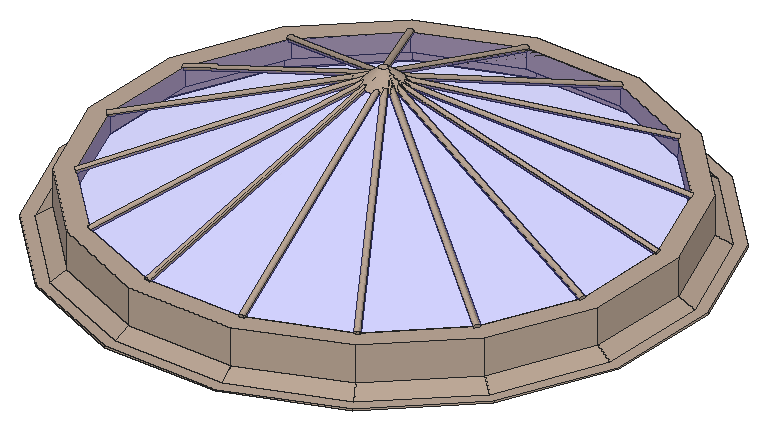
Revit family "WSL_A3-Skylight-Polygon-SMARTBIM", category Windows, host Roof, Revit 2016
Family settings
  Host = Roof
  Always vertical = No
  Cut with Voids When Loaded = No
  Shared = No
  Room Calculation Point = No
Parameters (values of type "Skylight")
  Subcategory = "Skylight\r\n"
  SmartBIM Object Version = 3  # constant formula
  SmartBIM Object Created By = "SMARTBIM, LLC"  # constant formula
  Manufacturer = "SMARTBIM"
  Frame Height = 0' - 3 1/2"
  Curb Depth = 0' - 3 1/2"
  Cap Height = 0' - 2 1/2"
  Side [instance] = 1' - 6"
  Mullion Radius = 0' - 0 1/2"
  Glass = Glass
  Frame/Mullion = Frame
  Cap Diameter-Upper = 0' - 0 3/4"
  Assembly Code = "B3020110"
  Apex [instance] = 2' - 0"
  Cap Diameter-Lower = 0' - 4"
  95 CSI = "08600"
  04 CSI = "08 60 00"
Reference planes (in)
  plane 1 "Center (Front/Back)": y = 0
  plane 2 "Roof": z = 144
  plane 3 "Center (Left/Right)": x = 0
  plane 4: z = 150
  plane 5: z = 153
  plane 6: z = 177
  plane 7: z = 178.25
  plane 8: z = 175.75
  plane 9: x = -45.24606
Forms (in)
  Sweep 1, solid, material "Frame" <- "Frame/Mullion"
    path origin (60, -180, 150) x (0, -1, 0) y (1, 0, 0)
      loop
        line (-171, -105.24606) -> (-154.37017, -98.35775) -> (-141.64225, -85.62983) -> (-134.75394, -69) -> (-134.75394, -51) -> (-141.64225, -34.37017) -> (-154.37017, -21.64225) -> (-171, -14.75394) -> (-189, -14.75394) -> (-205.62983, -21.64225) -> (-218.35775, -34.37017) -> (-225.24606, -51) -> (-225.24606, -69) -> (-218.35775, -85.62983) -> (-205.62983, -98.35775) -> (-189, -105.24606) -> (-171, -105.24606)
    profile origin (-45.24606, 0, 150) x (-1, 0, 0) y (0, 0, 1)
      loop
        line (0, 8.46875) -> (0, 4.96875) -> (3.25, 4.96875) -> (3.25, 1.83362) -> (6.05044, 0) -> (8.28125, 0) -> (8.28125, 0.25) -> (6.125, 0.25) -> (3.5, 1.96875) -> (3.5, 8.46875) -> (0, 8.46875)
  Blend 2, solid, material "Glass" <- "Glass"
    base sketch origin (-73.31542, -180, 153) x (-1, 0, 0) y (0, -1, 0)
      loop
        line (-28.06936, -189) -> (-28.06936, -171) -> (-34.95766, -154.37017) -> (-47.68559, -141.64225) -> (-64.31542, -134.75394) -> (-82.31542, -134.75394) -> (-98.94525, -141.64225) -> (-111.67317, -154.37017) -> (-118.56147, -171) -> (-118.56147, -189) -> (-111.67317, -205.62983) -> (-98.94525, -218.35775) -> (-82.31542, -225.24606) -> (-64.31542, -225.24606) -> (-47.68559, -218.35775) -> (-34.95766, -205.62983) -> (-28.06936, -189)
    top sketch origin (-73.31542, -180, 153) x (-1, 0, 0) y (0, -1, 0)
      loop
        circle (-73.31542, -180) r 0.5
    from 5.46875 to 24 <- "Apex"
  Sweep 3, solid, material "Frame" <- "Frame/Mullion"
    path in 3D
      loop
        line (-0.5, 0, 177) -> (-45.24606, -9, 158.46875)
    profile origin (-22.87303, -4.5, 167.73438) x (0.223863, -0.97222, -0.068371) y (-0.353245, -0.146319, 0.924018)
      loop
        circle (0.22683, 0.17852) r 0.5
  Sweep 4, solid, material "Frame" <- "Frame/Mullion"
    path in 3D
      loop
        line (-38.35775, -25.62983, 158.46875) -> (-0.5, 0, 177)
    profile origin (-19.42888, -12.81492, 167.73438) x (-0.535041, 0.841817, -0.07124) y (-0.353245, -0.146319, 0.924018)
      loop
        circle (0, 0) r 0.5
  Sweep 5, solid, material "Frame" <- "Frame/Mullion"
    path in 3D
      loop
        line (-25.62983, -38.35775, 158.46875) -> (-0.5, 0, 177)
    profile origin (-13.06492, -19.17888, 167.73438) x (-0.817955, 0.570739, -0.072159) y (-0.269805, -0.269805, 0.924344)
      loop
        circle (0, 0) r 0.5
  Sweep 6, solid, material "Frame" <- "Frame/Mullion"
    path in 3D
      loop
        line (-9, -45.24606, 158.46875) -> (-0.5, 0, 177)
    profile origin (-4.75, -22.62303, 167.73438) x (-0.97441, 0.212758, -0.072525) y (-0.145568, -0.351431, 0.924828)
      loop
        circle (0, 0) r 0.5
  Sweep 7, solid, material "Frame" <- "Frame/Mullion"
    path in 3D
      loop
        line (-45.24606, 9, 158.46875) -> (-0.5, 0, 177)
    profile origin (-22.87303, 4.5, 167.73438) x (0.223863, 0.97222, -0.068371) y (-0.353245, 0.146319, 0.924018)
      loop
        circle (0, 0) r 0.5
  Sweep 8, solid, material "Frame" <- "Frame/Mullion"
    path in 3D
      loop
        line (-38.35775, 25.62983, 158.46875) -> (-0.5, 0, 177)
    profile origin (-19.42888, 12.81492, 167.73438) x (0.581599, 0.810722, -0.066878) y (-0.269805, 0.269805, 0.924344)
      loop
        circle (0, 0) r 0.5
  Sweep 9, solid, material "Frame" <- "Frame/Mullion"
    path in 3D
      loop
        line (-25.62983, 38.35775, 158.46875) -> (-0.5, 0, 177)
    profile origin (-13.06492, 19.17888, 167.73438) x (0.848914, 0.524436, -0.065665) y (-0.145568, 0.351431, 0.924828)
      loop
        circle (0, 0) r 0.5
  Sweep 10, solid, material "Frame" <- "Frame/Mullion"
    path in 3D
      loop
        line (-9, 45.24606, 158.46875) -> (-0.5, 0, 177)
    profile origin (-4.75, 22.62303, 167.73438) x (0.97441, 0.212758, 0.072525) y (-0.145568, 0.351431, 0.924828)
      loop
        circle (0, 0) r 0.5
  Sweep 11, solid, material "Frame" <- "Frame/Mullion"
    path in 3D
      loop
        line (9, 45.24606, 158.46875) -> (0.5, 0, 177)
    profile origin (4.75, 22.62303, 167.73438) x (0.97441, -0.212758, -0.072525) y (0.145568, 0.351431, 0.924828)
      loop
        circle (0, 0) r 0.5
  Sweep 12, solid, material "Frame" <- "Frame/Mullion"
    path in 3D
      loop
        line (9, -45.24606, 158.46875) -> (0.5, 0, 177)
    profile origin (4.75, -22.62303, 167.73438) x (-0.97441, -0.212758, 0.072525) y (0.145568, -0.351431, 0.924828)
      loop
        circle (0, 0) r 0.5
  Sweep 13, solid, material "Frame" <- "Frame/Mullion"
    path in 3D
      loop
        line (25.62983, -38.35775, 158.46875) -> (0.5, 0, 177)
    profile origin (13.06492, -19.17888, 167.73438) x (-0.848914, -0.524436, -0.065665) y (0.145568, -0.351431, 0.924828)
      loop
        circle (0, 0) r 0.5
  Sweep 14, solid, material "Frame" <- "Frame/Mullion"
    path in 3D
      loop
        line (38.35775, -25.62983, 158.46875) -> (0.5, 0, 177)
    profile origin (19.42888, -12.81492, 167.73438) x (-0.581599, -0.810722, -0.066878) y (0.269805, -0.269805, 0.924344)
      loop
        circle (0, 0) r 0.5
  Sweep 15, solid, material "Frame" <- "Frame/Mullion"
    path in 3D
      loop
        line (45.24606, -9, 158.46875) -> (0.5, 0, 177)
    profile origin (22.87303, -4.5, 167.73438) x (-0.223863, -0.97222, -0.068371) y (0.353245, -0.146319, 0.924018)
      loop
        circle (0, 0) r 0.5
  Sweep 16, solid, material "Frame" <- "Frame/Mullion"
    path in 3D
      loop
        line (45.24606, 9, 158.46875) -> (0.5, 0, 177)
    profile origin (22.87303, 4.5, 167.73438) x (0.168798, -0.983168, -0.069907) y (0.382628, 0, 0.923903)
      loop
        circle (0, 0) r 0.5
  Sweep 17, solid, material "Frame" <- "Frame/Mullion"
    path in 3D
      loop
        line (38.35775, 25.62983, 158.46875) -> (0.5, 0, 177)
    profile origin (19.42888, 12.81492, 167.73438) x (0.535041, -0.841817, -0.07124) y (0.353245, 0.146319, 0.924018)
      loop
        circle (0, 0) r 0.5
  Sweep 18, solid, material "Frame" <- "Frame/Mullion"
    path in 3D
      loop
        line (25.62983, 38.35775, 158.46875) -> (0.5, 0, 177)
    profile origin (13.06492, 19.17888, 167.73438) x (0.817955, -0.570739, -0.072159) y (0.269805, 0.269805, 0.924344)
      loop
        circle (0, 0) r 0.5
  Blend 19, solid, material "Frame" <- "Frame/Mullion"
    base sketch origin (-73.31542, -180, 177) x (-1, 0, 0) y (0, -1, 0)
      loop
        circle (-73.31542, -180) r 4
    top sketch origin (-73.31542, -180, 177) x (-1, 0, 0) y (0, -1, 0)
      loop
        circle (-73.31542, -180) r 0.75
    from -1.25 to 1.25
Lines and regions (in)
  Opening 1
    outline origin (0, 0, 150) x (0, 1, 0) y (-1, 0, 0)
      loop
        line (45.24606, 9) -> (38.35775, 25.62983) -> (25.62983, 38.35775) -> (9, 45.24606) -> (-9, 45.24606) -> (-25.62983, 38.35775) -> (-38.35775, 25.62983) -> (-45.24606, 9) -> (-45.24606, -9) -> (-38.35775, -25.62983) -> (-25.62983, -38.35775) -> (-9, -45.24606) -> (9, -45.24606) -> (25.62983, -38.35775) -> (38.35775, -25.62983) -> (45.24606, -9) -> (45.24606, 9)
  sketch lines
    curve 1: line (-0.5, 0, 177) -> (-45.24606, -9, 158.46875)
    curve 2: line (-38.35775, -25.62983, 158.46875) -> (-0.5, 0, 177)
    curve 3: line (-25.62983, -38.35775, 158.46875) -> (-0.5, 0, 177)
    curve 4: line (-9, -45.24606, 158.46875) -> (-0.5, 0, 177)
    curve 5: line (-45.24606, 9, 158.46875) -> (-0.5, 0, 177)
    curve 6: line (-38.35775, 25.62983, 158.46875) -> (-0.5, 0, 177)
    curve 7: line (-25.62983, 38.35775, 158.46875) -> (-0.5, 0, 177)
    curve 8: line (-9, 45.24606, 158.46875) -> (-0.5, 0, 177)
    curve 9: line (9, 45.24606, 158.46875) -> (0.5, 0, 177)
    curve 10: line (9, -45.24606, 158.46875) -> (0.5, 0, 177)
    curve 11: line (25.62983, -38.35775, 158.46875) -> (0.5, 0, 177)
    curve 12: line (38.35775, -25.62983, 158.46875) -> (0.5, 0, 177)
    curve 13: line (45.24606, -9, 158.46875) -> (0.5, 0, 177)
    curve 14: line (45.24606, 9, 158.46875) -> (0.5, 0, 177)
    curve 15: line (38.35775, 25.62983, 158.46875) -> (0.5, 0, 177)
    curve 16: line (25.62983, 38.35775, 158.46875) -> (0.5, 0, 177)
Dimensions and locks (in)
  equal spacing: host sketch curve, plane 3 "Center (Left/Right)", host sketch curve
  equal spacing: host sketch curve, plane 1 "Center (Front/Back)", host sketch curve
  equal spacing: Opening 1 sketch curve, plane 3 "Center (Left/Right)", Opening 1 sketch curve  (x2)
  equal spacing: Opening 1 sketch curve, plane 1 "Center (Front/Back)", Opening 1 sketch curve  (x2)
  "Side": Opening 1 sketch curve to Opening 1 sketch curve  (x12)
  locked: plane 5 to plane 4 at 3
  "Apex": plane 6 to plane 5
  equal spacing: plane 7, plane 6, plane 8
  "Cap Height": plane 7 to plane 8
  "Curb Depth": Sweep 1 sketch curve to plane 9
  "Frame Height": Sweep 1 sketch curve to Sweep 1 sketch curve
  "Mullion Radius": radius of Sweep 3 sketch curve
  "Mullion Radius": radius of Sweep 4 sketch curve
  "Mullion Radius": radius of Sweep 5 sketch curve
  "Mullion Radius": radius of Sweep 6 sketch curve
  "Mullion Radius": radius of Sweep 7 sketch curve
  "Mullion Radius": radius of Sweep 8 sketch curve
  "Mullion Radius": radius of Sweep 9 sketch curve
  "Mullion Radius": radius of Sweep 10 sketch curve
  "Mullion Radius": radius of Sweep 11 sketch curve
  "Mullion Radius": radius of Sweep 12 sketch curve
  "Mullion Radius": radius of Sweep 13 sketch curve
  "Mullion Radius": radius of Sweep 14 sketch curve
  "Mullion Radius": radius of Sweep 15 sketch curve
  "Mullion Radius": radius of Sweep 16 sketch curve
  "Mullion Radius": radius of Sweep 17 sketch curve
  "Mullion Radius": radius of Sweep 18 sketch curve
  "Cap Diameter-Lower": radius of Blend 19 sketch curve
  "Cap Diameter-Upper": radius of Blend 19 sketch curve
  locked: Opening 1 sketch curve to Opening 1 sketch curve (angle 157.50°)  (x15)
  angle Opening 1 sketch curve to Opening 1 sketch curve = 157.50°
  aligned and locked: plane 2 "Roof" to level
  aligned and locked: plane 4 to host roof
  aligned and locked: Sweep 1 sketch curve to host roof  (x16)
  aligned and locked: Blend 2 sketch curve to host roof  (x16)
  aligned and locked: plane 6 to Blend 2
  aligned and locked: Blend 19 to plane 8
  aligned and locked: plane 7 to Blend 19
  aligned and locked: plane 9 to host roof
  aligned and locked: profile plane to Sweep 1 sketch curve
  aligned and locked: Blend 2 to Sweep 1
Automatic sketch dimensions
  Blend 2 sketch curve to plane 1 "Center (Front/Back)" = 0' - 0"
  Blend 2 sketch curve to plane 3 "Center (Left/Right)" = 0' - 0"
  Sweep 3 sketch curve to profile plane = 0' - 0.22683"
  profile plane to Sweep 3 sketch curve = 0' - 0.17852"
  Sweep 4 sketch curve to profile plane = 0' - 0"  (x2)
  Sweep 5 sketch curve to profile plane = 0' - 0"  (x2)
  Sweep 6 sketch curve to profile plane = 0' - 0"  (x2)
  Sweep 7 sketch curve to profile plane = 0' - 0"  (x2)
  Sweep 8 sketch curve to profile plane = 0' - 0"  (x2)
  Sweep 9 sketch curve to profile plane = 0' - 0"  (x2)
  Sweep 10 sketch curve to profile plane = 0' - 0"  (x2)
  Sweep 11 sketch curve to profile plane = 0' - 0"  (x2)
  Sweep 12 sketch curve to profile plane = 0' - 0"  (x2)
  Sweep 13 sketch curve to profile plane = 0' - 0"  (x2)
  Sweep 14 sketch curve to profile plane = 0' - 0"  (x2)
  Sweep 15 sketch curve to profile plane = 0' - 0"  (x2)
  Sweep 16 sketch curve to profile plane = 0' - 0"  (x2)
  Sweep 17 sketch curve to profile plane = 0' - 0"  (x2)
  Sweep 18 sketch curve to profile plane = 0' - 0"  (x2)
  Blend 19 sketch curve to plane 1 "Center (Front/Back)" = 0' - 0"  (x2)
  Blend 19 sketch curve to plane 3 "Center (Left/Right)" = 0' - 0"  (x2)
  Sweep 1 sketch curve to Sweep 1 sketch curve = 0' - 0 1/4"
  Sweep 1 sketch curve to Sweep 1 sketch curve = 0' - 2.55044"
  Sweep 1 sketch curve to Sweep 1 sketch curve = 0' - 0.07456"
  Sweep 1 sketch curve to plane 4 = 0' - 0 1/4"
  Sweep 1 sketch curve to Sweep 1 sketch curve = 0' - 2 5/32"
  Sweep 1 sketch curve to plane 4 = 0' - 1.83362"
  Sweep 1 sketch curve to Sweep 1 sketch curve = 0' - 0.13513"
  Sweep 1 sketch curve to Sweep 1 sketch curve = 0' - 3.13513"
  Sweep 1 sketch curve to plane 4 = 0' - 0"
  radius of Blend 2 sketch curve = 0' - 0 1/2"
